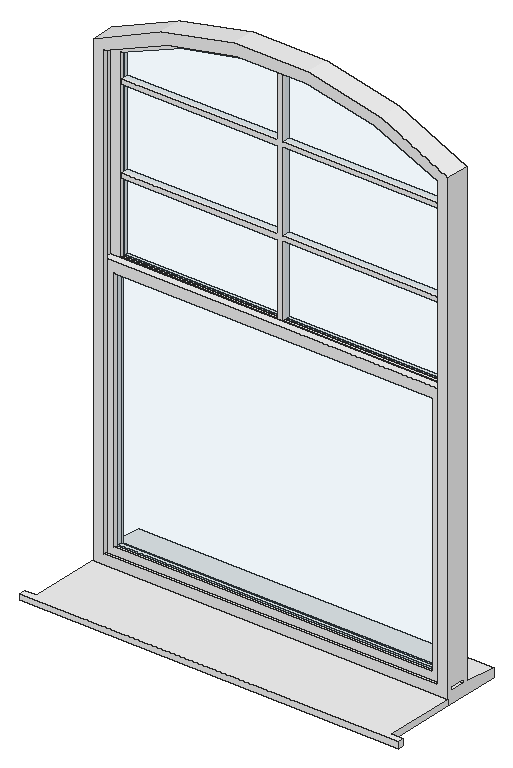
Revit family
Parameters (values of type "1030x2040mm")
  Vis - Glazing Bars [instance] = yes
  Vis - Cill board [instance] = yes
  Sash thickness = 30 mm
  Sash Weight Dim = 30 mm
  Sash Box Depth = 70 mm
  Material Frame = none
  Glazing Bar Thickness = 20 mm
  Frame offset = 100 mm
  Frame depth = 100 mm
  Frame Width = 30 mm
  Cill Depth = 0 mm
  Bead thickness = 15 mm
  Assembly Code = ""
  Arc height = 200 mm
  Height = 2200 mm
  Default Sill Height = 700 mm
  Wall Closure = (empty or 0)
  Width = 1500 mm
  Curve Radius = 2040 mm
Types (3, lengths in mm): name | Frame depth | Arc height | Height | Default Sill Height | Width | Curve Radius
  1030x2040mm | 100 | 200 | 2200 | 700 | 1500 | 2040
  Curved Sash 1220x2385 | 220 | 85 | 2385 | 800 | 1220 | 2000
  Curved Sash 1 | 220 | 85 | 2250 | 800 | 690 | 2000
Reference planes
  plane 1 "Center (Front/Back)": y = 0
  plane 2 "Center (Left/Right)": x = 0
  plane 3 "Left": x = -750
  plane 4 "Right": x = 750
  plane 5 "Sill": z = 700
  plane 6 "Head": z = 2900
  plane 7 "Exterior": y = 250
  plane 8 "Interior": y = -250
  plane 9: z = 2700
  plane 10 "Front of frame": y = 150
  plane 11 "Rear of frame": y = 50
  plane 12 "Front Bead": y = 135
  plane 13 "Bead Rear": y = 65
  plane 14: x = 720
  plane 15: x = -820
  plane 16: x = 820
  plane 17: x = 705
  plane 18: z = 765
  plane 19 "Centre Frame": y = 100
  plane 20 "Horiz centre": z = 1832.5
  plane 21: y = 117.5
  plane 22 "Glass Front": y = 122.5
  plane 23 "Glass Back": y = 112.5
  plane 24 "Frame width RP": x = 675
  plane 25: z = 2188.333
  plane 26: x = -720
  plane 27: x = -705
  plane 28: x = -10
  plane 29: x = 10
  plane 30: z = 2198.333
  plane 31: z = 2178.333
  plane 32: z = 750
  plane 33 "Glass back Bottom": y = 77.5
  plane 34 "Glass Front Bottom": y = 87.5
  plane 35: y = 82.5
  plane 36: x = 785
  plane 37: x = -785
  plane 38: z = 2544.167
  plane 39: z = 2554.167
  plane 40: z = 2534.167
Forms (mm)
  Extrusion 1, solid, material "Window Frame"
    sketch origin (-750, 0, 0) x (0, -1, 0) y (0, 0, 1)
      loop
        line (-50, 700) -> (-50, 765) -> (-65, 765) -> (-65, 750) -> (-135, 750) -> (-135, 765) -> (-150, 765) -> (-150, 750) -> (-290, 737.752) -> (-290, 700) -> (-50, 700)
    from 0 to -1500
  Sweep 2, solid, material "Window Frame"
    path origin (0, 135, 0) x (-1, 0, 0) y (0, 0, 1)
      loop
        line (750, 765) -> (750, 2700)
        arc (750, 2700) -> (0, 2900) -> (-750, 2700) r 1506.25
        line (-750, 2700) -> (-750, 765)
    profile origin (-750, 135, 1732.5) x (1, 0, 0) y (0, 1, 0)
      loop
        line (0, 15) -> (0, -85) -> (45, -85) -> (45, -70) -> (30, -70) -> (30, 0) -> (45, 0) -> (45, 15) -> (0, 15)
  Sweep 3, solid, material "Window Frame"
    path origin (0, 135, 0) x (-1, 0, 0) y (0, 0, 1)
      loop
        line (-705, 2673.682) -> (-705, 1847.5) -> (705, 1847.5) -> (705, 2673.682)
        arc (705, 2673.682) -> (0, 2855) -> (-705, 2673.682) r 1461.25
    profile origin (705, 135, 2260.591) x (0, 1, 0) y (-1, 0, 0)
      loop
        line (0, 30) -> (-12.5, 30) -> (-12.5, 15) -> (-22.5, 15) -> (-22.5, 30) -> (-35, 30) -> (-35, -15) -> (0, -15) -> (0, 30)
  Extrusion 4, solid, material "Glass"
    sketch origin (0, 122.5, 0) x (0, 0, 1) y (1, 0, 0)
      loop
        arc (2655.832, -675) -> (2825, 0) -> (2655.832, 675) r 1431.25
        line (2655.832, 675) -> (1877.5, 675) -> (1877.5, -675) -> (2655.832, -675)
    from 0 to -10
  Sweep 5, solid, material "Window Frame"
    path origin (0, 100, 0) x (0, 0, 1) y (1, 0, 0)
      loop
        line (1877.5, 720) -> (750, 720) -> (750, -720) -> (1877.5, -720) -> (1877.5, 720)
    profile origin (720, 100, 1313.75) x (1, 0, 0) y (0, 1, 0)
      loop
        line (0, 0) -> (-45, 0) -> (-45, -12.5) -> (-30, -12.5) -> (-30, -22.5) -> (-45, -22.5) -> (-45, -35) -> (0, -35) -> (0, 0)
  Extrusion 6, solid, material "Glass"
    sketch origin (0, 122.5, 0) x (0, 0, 1) y (1, 0, 0)
      loop
        line (1847.5, 690) -> (780, 690) -> (780, -690) -> (1847.5, -690) -> (1847.5, 690)
    from -45 to -35
  Extrusion 7, solid, material "Window Frame", visible <- "Vis - Cill board"
    sketch origin (0, 0, 700) x (0, -1, 0) y (1, 0, 0)
      loop
        line (250, -750) -> (250, -800) -> (275, -800) -> (275, 800) -> (250, 800) -> (250, 750) -> (-50, 750) -> (-50, -750) -> (250, -750)
    from 0 to 25
  Extrusion 8, solid, material "Window Frame", visible <- "Vis - Glazing Bars"
    sketch origin (0, 135, 0) x (-1, 0, 0) y (0, 0, 1)
      loop
        arc (10, 2824.965) -> (0, 2825) -> (-10, 2824.965) r 1431.25
        line (-10, 2824.965) -> (-10, 2554.167) -> (-675, 2554.167) -> (-675, 2534.167) -> (-10, 2534.167) -> (-10, 2198.333) -> (-675, 2198.333) -> (-675, 2178.333) -> (-10, 2178.333) -> (-10, 1877.5) -> (10, 1877.5) -> (10, 2178.333) -> (675, 2178.333) -> (675, 2198.333) -> (10, 2198.333) -> (10, 2534.167) -> (675, 2534.167) -> (675, 2554.167) -> (10, 2554.167) -> (10, 2824.965)
    from 0 to -35
Cuts and joins
  joined: Extrusion 1, Sweep 2
Lines and regions (mm)
  Opening 1
    outline origin (-5000, -250, 0) x (1, 0, 0) y (0, 0, 1)
      loop
        arc (5750, 2700) -> (5000, 2900) -> (4250, 2700) r 1506.25
        line (4250, 2700) -> (4250, 700) -> (5750, 700) -> (5750, 2700)
  Masking region 1
    outline origin (0, 0, 0) x (1, 0, 0) y (0, 1, 0)
      loop
        line (-820, 150) -> (-820, 50) -> (820, 50) -> (820, 150) -> (-820, 150)
  Masking region 2
    outline origin (0, 0, 0) x (1, 0, 0) y (0, 1, 0)
      loop
        line (-750, 150) -> (750, 150) -> (750, 290) -> (-750, 290) -> (-750, 150)
  reference lines
    curve 1: arc (750, 250, 2700) -> (0, 250, 2900) -> (-750, 250, 2700) r 1506.25
  symbolic lines, style "Windows"
    curve 2: line (-820, 150, 0) -> (-705, 150, 0)
    curve 3: line (-820, 135, 0) -> (-820, 150, 0)
    curve 4: line (-705, 135, 0) -> (-820, 135, 0)
    curve 5: line (-705, 150, 0) -> (-705, 135, 0)
    curve 6: line (-820, 50, 0) -> (-705, 50, 0)
    curve 7: line (-820, 65, 0) -> (-820, 50, 0)
    curve 8: line (-705, 65, 0) -> (-820, 65, 0)
    curve 9: line (-705, 50, 0) -> (-705, 65, 0)
    curve 10: line (-720, 150, 0) -> (-720, 50, 0)
    curve 11: line (-750, 135, 0) -> (-750, 65, 0)
    curve 12: line (-720, 100, 0) -> (-675, 100, 0)
    curve 13: line (-675, 100, 0) -> (-675, 87.5, 0)
    curve 14: line (-675, 87.5, 0) -> (-690, 87.5, 0)
    curve 15: line (-690, 87.5, 0) -> (-690, 77.5, 0)
    curve 16: line (-690, 77.5, 0) -> (-675, 77.5, 0)
    curve 17: line (-675, 77.5, 0) -> (-675, 65, 0)
    curve 18: line (-675, 65, 0) -> (-705, 65, 0)
    curve 19: line (705, 150, 0) -> (820, 150, 0)
    curve 20: line (705, 135, 0) -> (705, 150, 0)
    curve 21: line (820, 135, 0) -> (705, 135, 0)
    curve 22: line (820, 150, 0) -> (820, 135, 0)
    curve 23: line (705, 50, 0) -> (820, 50, 0)
    curve 24: line (705, 65, 0) -> (705, 50, 0)
    curve 25: line (820, 65, 0) -> (705, 65, 0)
    curve 26: line (820, 50, 0) -> (820, 65, 0)
    curve 27: line (720, 150, 0) -> (720, 50, 0)
    curve 28: line (750, 65, 0) -> (750, 135, 0)
    curve 29: line (720, 100, 0) -> (675, 100, 0)
    curve 30: line (675, 100, 0) -> (675, 87.5, 0)
    curve 31: line (675, 87.5, 0) -> (690, 87.5, 0)
    curve 32: line (690, 87.5, 0) -> (690, 77.5, 0)
    curve 33: line (690, 77.5, 0) -> (675, 77.5, 0)
    curve 34: line (675, 77.5, 0) -> (675, 65, 0)
    curve 35: line (675, 65, 0) -> (705, 65, 0)
    curve 37: circle (785, 117.5, 0) r 30 normal (0, 0, 1)
    curve 38: circle (-785, 117.5, 0) r 30 normal (0, 0, 1)
    curve 39: circle (-785, 82.5, 0) r 30 normal (0, 0, 1)
  symbolic lines
    curve 36: circle (785, 82.5, 0) r 30 normal (0, 0, 1)
    curve 40: line (-720, 50, 0) -> (705, 50, 0)
    curve 41: line (675, 77.5, 0) -> (-675, 77.5, 0)
    curve 42: line (-675, 87.5, 0) -> (675, 87.5, 0)
    curve 43: line (-705, 150, 0) -> (705, 150, 0)
    curve 44: line (705, 135, 0) -> (-705, 135, 0)
    curve 45: line (-675, 100, 0) -> (675, 100, 0)
    curve 46: line (-675, 65, 0) -> (675, 65, 0)
Text (mm)
  text "EXTERIOR" at (-1963.203, 1332.353, 0), in view "Ref. Level"
  text "INTERIOR" at (-1981.466, -818.386, 0), in view "Ref. Level"
  text "Exterior" at (0, 923.751, 2943.296), in view "Right"
  text "Exterior" at (0, 1040.484, 2685.409), in view "Left"
Dimensions and locks
  equal spacing: plane 3 "Left", plane 2 "Center (Left/Right)", plane 4 "Right"
  "Width": plane 3 "Left" to plane 4 "Right"
  "Height": plane 5 "Sill" to plane 6 "Head"
  "Default Sill Height": plane 5 "Sill" to level
  locked: plane 7 "Exterior" to host wall at 0
  locked: plane 8 "Interior" to host wall
  locked: plane 6 "Head" to curve 1
  "Arc height": plane 9 to plane 6 "Head"
  "Frame offset": host wall to plane 10 "Front of frame"
  "Frame depth": plane 10 "Front of frame" to plane 11 "Rear of frame"
  "Bead thickness": plane 10 "Front of frame" to plane 12 "Front Bead"
  "Bead thickness": plane 13 "Bead Rear" to plane 11 "Rear of frame"
  "Sash Box Depth": plane 15 to plane 3 "Left"
  "Sash Box Depth": plane 4 "Right" to plane 16
  "Frame Width": plane 14 to plane 4 "Right"
  "Bead thickness": plane 17 to plane 14
  plane 5 "Sill" to plane 18 = 65 mm  (x2)
  host wall to Extrusion 1 sketch curve = 40 mm
  equal spacing: plane 11 "Rear of frame", plane 19 "Centre Frame", plane 10 "Front of frame"
  equal spacing: plane 18, plane 20 "Horiz centre", plane 6 "Head"
  equal spacing: plane 19 "Centre Frame", plane 21, plane 12 "Front Bead"
  plane 23 "Glass Back" to plane 21 to plane 22 "Glass Front" = 5 mm locked, 5 mm locked
  locked: plane 24 "Frame width RP" to Sweep 3 sketch curve at 15
  "Bead thickness": plane 20 "Horiz centre" to Sweep 3 sketch curve
  "Frame Width": plane 24 "Frame width RP" to plane 17
  "Frame Width": plane 3 "Left" to plane 26
  "Bead thickness": plane 26 to plane 27
  locked: plane 18 to plane 32 at 15
  equal spacing: plane 19 "Centre Frame", plane 35, plane 13 "Bead Rear"
  plane 34 "Glass Front Bottom" to plane 35 to plane 33 "Glass back Bottom" = 5 mm locked, 5 mm locked
  locked: Sweep 5 sketch curve to Sweep 5 sketch curve at 15
  equal spacing: plane 4 "Right", plane 36, plane 16
  equal spacing: plane 15, plane 37, plane 3 "Left"
  locked: Extrusion 7 sketch curve to host wall at 25
  locked: plane 4 "Right" to Extrusion 7 sketch curve at 50
  locked: Extrusion 7 sketch curve to plane 3 "Left" at 50
  equal spacing: plane 20 "Horiz centre", plane 25, plane 38, plane 6 "Head"
  plane 40 to plane 38 to plane 39 = 10 mm locked, 10 mm locked
  plane 31 to plane 25 to plane 30 = 10 mm locked, 10 mm locked
  plane 28 to plane 2 "Center (Left/Right)" to plane 29 = 10 mm locked, 10 mm locked
  "Sash Weight Dim": radius of curve 36
  "Sash Weight Dim": radius of curve 39
  "Sash Weight Dim": radius of curve 38
  "Sash Weight Dim": radius of curve 37
  aligned and locked: plane 9 to curve 1  (x2)
  aligned and locked: Opening 1 sketch curve to curve 1
  aligned and locked: plane 3 "Left" to Opening 1 sketch curve
  aligned and locked: plane 5 "Sill" to Opening 1 sketch curve
  aligned and locked: Opening 1 sketch curve to plane 4 "Right"
  aligned and locked: Extrusion 1 to plane 4 "Right"
  aligned and locked: plane 3 "Left" to Extrusion 1
  aligned and locked: host wall to Sweep 2 sketch curve
  aligned and locked: Sweep 2 sketch curve to host wall  (x2)
  aligned and locked: plane 18 to Sweep 2 sketch curve  (x2)
  aligned and locked: Sweep 2 sketch curve to plane 10 "Front of frame"
  aligned and locked: profile plane to Sweep 2 sketch curve
  aligned and locked: plane 11 "Rear of frame" to Sweep 2 sketch curve
  aligned and locked: Sweep 2 sketch curve to plane 13 "Bead Rear"
  aligned and locked: Sweep 2 sketch curve to plane 3 "Left"
  aligned and locked: plane 14 to Sweep 3 sketch curve
  aligned and locked: Sweep 3 sketch curve to plane 12 "Front Bead"
  aligned and locked: plane 24 "Frame width RP" to Sweep 3 sketch curve  (x2)
  aligned and locked: plane 22 "Glass Front" to Sweep 3 sketch curve
  aligned and locked: Sweep 3 sketch curve to plane 23 "Glass Back"
  aligned and locked: plane 19 "Centre Frame" to Sweep 3 sketch curve
  aligned and locked: plane 17 to Sweep 3 sketch curve
  aligned and locked: Sweep 3 sketch curve to cut or joined group of Extrusion 1, Sweep 2
  aligned and locked: Extrusion 4 sketch curve to Sweep 3  (x4)
  aligned and locked: Extrusion 4 to plane 23 "Glass Back"
  aligned and locked: Extrusion 4 to plane 22 "Glass Front"
  aligned and locked: plane 27 to Sweep 2 sketch curve  (x2)
  aligned and locked: plane 26 to Sweep 2 sketch curve
  aligned and locked: plane 27 to Sweep 3 sketch curve
  aligned and locked: Sweep 5 sketch curve to plane 26
  aligned and locked: Sweep 5 sketch curve to Extrusion 4
  aligned and locked: plane 14 to Sweep 5 sketch curve  (x2)
  aligned and locked: plane 32 to Sweep 5 sketch curve
  aligned and locked: Sweep 5 sketch curve to plane 19 "Centre Frame"
  aligned and locked: plane 24 "Frame width RP" to Sweep 5 sketch curve  (x2)
  aligned and locked: plane 34 "Glass Front Bottom" to Sweep 5 sketch curve
  aligned and locked: plane 33 "Glass back Bottom" to Sweep 5 sketch curve
  aligned and locked: plane 13 "Bead Rear" to Sweep 5 sketch curve
  aligned and locked: plane 34 "Glass Front Bottom" to Extrusion 6
  aligned and locked: Sweep 5 to plane 33 "Glass back Bottom"
  aligned and locked: Extrusion 6 to Sweep 5  (x4)
  aligned and locked: plane 27 to curve 5
  aligned and locked: curve 2 to plane 10 "Front of frame"
  aligned and locked: plane 15 to curve 3
  aligned and locked: plane 15 to curve 6
  aligned and locked: curve 6 to plane 11 "Rear of frame"
  aligned and locked: curve 9 to cut or joined group of Extrusion 1, Sweep 2  (x2)
  aligned and locked: plane 26 to curve 10
  aligned and locked: cut or joined group of Extrusion 1, Sweep 2 to curve 11
  aligned and locked: plane 13 "Bead Rear" to curve 18
  aligned and locked: curve 17 to Sweep 5
  aligned and locked: curve 13 to Sweep 5
  aligned and locked: curve 15 to Sweep 5
  aligned and locked: plane 33 "Glass back Bottom" to curve 16
  aligned and locked: plane 19 "Centre Frame" to Sweep 5
  aligned and locked: curve 19 to cut or joined group of Extrusion 1, Sweep 2  (x2)
  aligned and locked: plane 12 "Front Bead" to curve 22
  aligned and locked: curve 22 to plane 16
  aligned and locked: cut or joined group of Extrusion 1, Sweep 2 to curve 23
  aligned and locked: curve 23 to cut or joined group of Extrusion 1, Sweep 2
  aligned and locked: plane 13 "Bead Rear" to curve 26
  aligned and locked: plane 16 to curve 26
  aligned and locked: plane 14 to curve 27
  aligned and locked: curve 25 to curve 28
  aligned and locked: cut or joined group of Extrusion 1, Sweep 2 to curve 28
  aligned and locked: Sweep 5 to plane 13 "Bead Rear"
  aligned and locked: Sweep 5 to plane 24 "Frame width RP"
  aligned and locked: curve 30 to plane 24 "Frame width RP"
  aligned and locked: curve 34 to plane 24 "Frame width RP"
  aligned and locked: curve 32 to Sweep 5
  aligned and locked: curve 31 to plane 34 "Glass Front Bottom"
  aligned and locked: curve 33 to plane 33 "Glass back Bottom"
  aligned and locked: plane 19 "Centre Frame" to curve 29
  aligned and locked: curve 3 to Masking region 1 sketch curve
  aligned and locked: Masking region 1 sketch curve to curve 2
  aligned and locked: curve 23 to Masking region 1 sketch curve
  aligned and locked: Masking region 1 sketch curve to curve 26
  aligned and locked: curve 6 to curve 40
  aligned and locked: curve 33 to curve 41
  aligned and locked: curve 43 to plane 10 "Front of frame"
  aligned and locked: plane 12 "Front Bead" to curve 44
  aligned and locked: curve 45 to plane 19 "Centre Frame"
  aligned and locked: plane 4 "Right" to Extrusion 7 sketch curve
  aligned and locked: Extrusion 7 sketch curve to plane 3 "Left"
  aligned and locked: Extrusion 7 sketch curve to plane 11 "Rear of frame"
  aligned and locked: plane 33 "Glass back Bottom" to Extrusion 6
  aligned and locked: Extrusion 8 sketch curve to Sweep 3  (x6)
  aligned and locked: Extrusion 8 sketch curve to plane 29  (x3)
  aligned and locked: plane 39 to Extrusion 8 sketch curve  (x2)
  aligned and locked: Extrusion 8 sketch curve to plane 40  (x2)
  aligned and locked: plane 30 to Extrusion 8 sketch curve  (x2)
  aligned and locked: Extrusion 8 sketch curve to plane 31  (x2)
  aligned and locked: plane 28 to Extrusion 8 sketch curve  (x3)
  aligned and locked: Extrusion 8 to plane 19 "Centre Frame"
  aligned and locked: plane 12 "Front Bead" to Extrusion 8
Automatic sketch dimensions
  curve 1 to plane 2 "Center (Left/Right)" = 0 mm
  curve 1 to plane 3 "Left" = 0 mm
  Extrusion 1 sketch curve to plane 5 "Sill" = 0 mm
  Extrusion 1 sketch curve to plane 10 "Front of frame" = 0 mm
  Extrusion 1 sketch curve to plane 12 "Front Bead" = 0 mm
  Extrusion 1 sketch curve to plane 13 "Bead Rear" = 0 mm
  Extrusion 1 sketch curve to plane 11 "Rear of frame" = 0 mm
  Extrusion 1 sketch curve to plane 18 = 0 mm  (x2)
  Extrusion 1 sketch curve to plane 18 = 27.248 mm
  Extrusion 1 sketch curve to plane 18 = 15 mm  (x2)
  Extrusion 6 sketch curve to plane 17 = 15 mm
  Extrusion 6 sketch curve to plane 27 = 15 mm
  plane 20 "Horiz centre" to Extrusion 6 sketch curve = 15 mm
  plane 18 to Extrusion 6 sketch curve = 15 mm
  Masking region 2 sketch curve to plane 3 "Left" = 0 mm
  Masking region 2 sketch curve to plane 4 "Right" = 0 mm
  Masking region 2 sketch curve to plane 10 "Front of frame" = 0 mm
  host wall to Masking region 2 sketch curve = 40 mm
  Extrusion 7 sketch curve to host wall = 0 mm  (x2)
  curve 39 to plane 35 = 0 mm
  curve 39 to plane 37 = 0 mm
  curve 38 to plane 21 = 0 mm
  curve 38 to plane 37 = 0 mm
  curve 37 to plane 21 = 0 mm
  curve 37 to plane 36 = 0 mm
  curve 36 to plane 35 = 0 mm
  curve 36 to plane 36 = 0 mm
